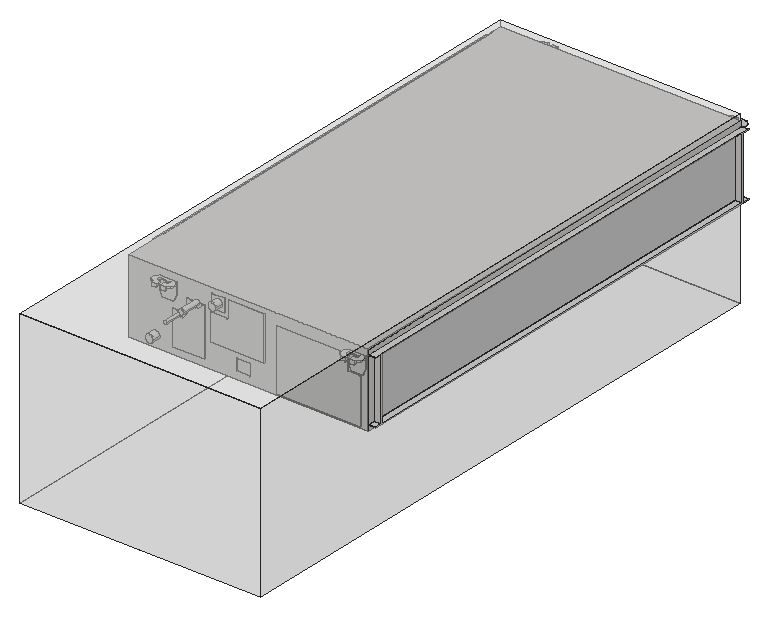
Revit family "outputfile", category 機械設備, Revit 2024
Family settings
  丸型コネクタ寸法 = 半径を使用
  パーツ タイプ = 標準
  OmniClass 番号 = 23.75.10.24.21.27.27
  OmniClass タイトル = Split System Air Conditioning Units
  作業面ベース = いいえ
  常に垂直 = はい
  ロード時にボイドで切り取り = いいえ
  注釈の向きを維持 = いいえ
  共有 = いいえ
  部屋計算ポイント = はい
Parameters (values of type "FXSA140AVM")
  製造元 = "Daikin"
  書き出し IFC クラス(タイプ) = "IfcUnitaryEquipmentType"
  定義済み IFC タイプ(タイプ) = "AIRCONDITIONINGUNIT"
  モデル = "FXSA140AVM"
  switch_frequency = yes
  r_Liquid Pipe Size = Liquid Pipe Size / 2  # 4.75 mm
  r_Gas Pipe Size = Gas Pipe Size / 2  # 7.95 mm
  r_Drain Pipe Size = Drain Pipe Size / 2  # 12.5 mm
  lw_power = 770.0 mm
  lh_SA = 138.0 mm
  lw_SA = if(Width = 550.0 mm, 225.0 mm, if(Width = 700.0 mm, 300.0 mm, if(Width = 1000.0 mm, 450.0 mm, if(Width = 1400.0 mm, 650.0 mm, 725.0 mm))))  # 725.0 mm
  lw_RA = if(Width = 550.0 mm, 275.0 mm, if(Width = 700.0 mm, 349.0 mm, if(Width = 1000.0 mm, 499.0 mm, if(Width = 1400.0 mm, 699.0 mm, 775.0 mm))))  # 775.0 mm
  lh_power = 60.0 mm + [h***]  # 60.0 mm
  lh_mountinghole1 = lh_mountinghole + [h***]  # 222.0 mm
  lh_RA = 123.0 mm
  ld_power = Width / 2  # 775.0 mm
  connector_voltage = Voltage_50Hz  # 220 V
  connector_powerinput = [Power Input (Cooling)]  # 0.222 kW
  connector_phase = Phase_50Hz  # 1
  Voltage_comment_60Hz = "220-230"
  Voltage_comment_50Hz = "220-240"
  Voltage_60Hz = 220 V
  Voltage_50Hz = 220 V
  Total Heating Capacity [instance] = 0.000 kW
  Supply Air Direction [instance] = yes
  Sound Power Level_H speed (dB) = 71
  Power Input (Heating) = 0.217 kW
  Phase_60Hz = 1
  Phase_50Hz = 1
  Nominal Heating Capacity = 18.000 kW
  Minimum External Static Pressure = 50.00 Pa
  Minimum Circuit Amps_60Hz = 3.3 A
  Minimum Circuit Amps_50Hz = 3.3 A
  Maximum Fuse Amps_60Hz = 16.0 A
  Maximum Fuse Amps_50Hz = 16.0 A
  Maximum External Static Pressure = 140.00 Pa
  Material_Casing = DAIKIN_GalvanizedSteel_Casing_indoorunit
  lw_mountinghole = 630.0 mm
  lh_gaspipe = 183.0 mm + [h***]  # 183.0 mm
  lh_mountinghole = 222.0 mm
  lh_liquidpipe = 136.0 mm + [h***]  # 136.0 mm
  lh_drainpipe = 207.0 mm + [h***]  # 207.0 mm
  lh_antena = Height - lh_mountinghole + 1.0 mm  # 24.0 mm
  ld_drainpipe = Width / 2 + 26.0 mm  # 801.0 mm
  ld_liquidpipe = 844.0 mm
  ld_gaspipe = Width / 2 + 65.0 mm  # 840.0 mm
  ld_mountinghole = Width + 38.0 mm  # 1588.0 mm
  h*** = 0.0 mm
  lw_liquidpipe = 179.0 mm
  lw_gaspipe = 229.0 mm
  lw_drainpipe = 300.0 mm
  Width = 1550.0 mm
  Version = "ver.1.0"
  Unit Type = "Duct_M.S.P."
  Unit Mass Weight = 52.00 kg
  Unit Designation [instance] = ""
  Uniclass2015Version = "Products v1.30"
  Uniclass2015Title = "Variable refrigerant flow units"
  Uniclass2015Code = "Pr_70_65_03_94"
  Total Cooling Capacity [instance] = 0.000 kW
  Sound Pressure Level_M speed (dBA) = 40
  Sound Pressure Level_L speed (dBA) = 36
  Sound Pressure Level_H speed (dBA) = 43
  Series = "VRV Fan Coil Unit"
  Sensible Cooling Capacity [instance] = 0.000 kW
  SA Duct Size Width = 1337.0 mm
  SA Duct Size Height = 176.0 mm
  Refrigerant Type = "R32"
  RA Duct Size Width = 1502.0 mm
  RA Duct Size Height = 208.0 mm
  Power Input (Cooling) = 0.222 kW
  Option Accessory 3 [instance] = ""
  Option Accessory 2 [instance] = ""
  Option Accessory 1 [instance] = ""
  Nominal Cooling Capacity = 16.000 kW
  Minimum Airflow = 1680.00 m³/h
  Median Airflow = 2010.00 m³/h
  Maximum Airflow = 2340.00 m³/h
  Load Classification = HVAC
  Liquid Pipe Size = 9.5 mm
  Link_Nested Family [instance] = ""
  IfcVersion = ""
  IfcExportType = "AIRCONDITIONINGUNIT"
  IfcExportAs = "IfcUnitaryEquipmentType"
  Height = 245.0 mm
  Heating Entering Wet Bulb Temperature [instance] = -273.15 °C
  Heating Entering Dry Bulb Temperature [instance] = -273.15 °C
  Heating Ambient Wet Bulb Temperature [instance] = -273.15 °C
  Heating Ambient Dry Bulb Temperature [instance] = -273.15 °C
  Heat Exchanger Type = "Cross Fin Coil"
  Gas Pipe Size = 15.9 mm
  Frequency_60Hz = 60 Hz
  Frequency_50Hz = 50 Hz
  Fan Type = "Sirocco Fan"
  Fan Drive = "Direct Drive"
  FCU Tag No. [instance] = ""
  Drain Pipe Size = 25.0 mm
  Design Supply Airflow [instance] = 0.00 m³/h
  Design Return Airflow [instance] = 0.00 m³/h
  Design External Static Pressure [instance] = 0.00 Pa
  Depth = 800.0 mm
  既定の高さ = 0.0 mm
  Cooling Entering Wet Bulb Temperature [instance] = 0.00 °C
  Cooling Entering Dry Bulb Temperature [instance] = 0.00 °C
  Cooling Ambient Wet Bulb Temperature [instance] = 0.00 °C
  Cooling Ambient Dry Bulb Temperature [instance] = 0.00 °C
  Clearance visibility [instance] = yes
  Clearance Top = 20.0 mm
  Clearance Right = 0.0 mm
  Clearance Rear = 0.0 mm
  Clearance Left = 0.0 mm
  Clearance Front = 450.0 mm
  Clearance Bottom = 300.0 mm
Reference planes
  plane 1 "Center (Front/Back)": y = 0
  plane 2 "h": z = 0
  plane 3 "Center (Left/Right)": x = 0
  plane 4 "Back": y = 775
  plane 5 "Front": y = -775
  plane 6 "Left": x = -400
  plane 7 "Right": x = 400
  plane 8 "Top": z = 0
  plane 9 "Bottom": z = -245
  plane 10: y = -215
  plane 11: y = 775
  plane 12: y = -1225
  plane 13: x = -400
  plane 14: x = 400
  plane 15: z = 20
  plane 16: z = -545
  plane 17: x = -400
  plane 18: x = -399
  plane 19: x = 399
  plane 20: y = 50
  plane 21: y = 0
  plane 22: z = -122
  plane 23: y = -776
  plane 24: z = -109
  plane 25: x = -221
  plane 26: y = -840
  plane 27: z = -62
  plane 28: x = -171
  plane 29: y = -801
  plane 30: z = -38
  plane 31: x = -100
  plane 32: x = -100
  plane 33: x = -221
  plane 34: x = -171
  plane 35: x = 370
  plane 36: x = -266
  plane 37: x = 364
  plane 38: y = -794
  plane 39: y = 794
  plane 40: z = -23
  plane 41: z = -107
  plane 42: y = -844
  plane 43: z = -207
  plane 44: x = -309
  plane 45: y = -376
  plane 46: x = -251
  plane 47: x = -203
  plane 48: x = -144
  plane 49: z = -59
  plane 50: z = -106
  plane 51: z = -221
  plane 52: z = -109
  plane 53: x = -221
  plane 54: z = -62
  plane 55: x = -171
  plane 56: z = -17
  plane 57: z = -59
  plane 58: x = -121
  plane 59: x = -79
  plane 60: x = -125
  plane 61: x = -64
  plane 62: x = 53
  plane 63: z = -164
  plane 64: z = -73
  plane 65: z = -16
  plane 66: x = 93.5
  plane 67: x = 374.5
  plane 68: x = 330
  plane 69: z = -88.5
  plane 70: z = -38
  plane 71: z = -242.5
  plane 72: x = -38.5
  plane 73: x = 6.5
  plane 74: z = -181
  plane 75: z = -221
  plane 76: y = -774
  plane 77: x = -424
  plane 78: x = 424
Forms (mm)
  Extrusion 1, solid, material "DAIKIN_GalvanizedSteel_Casing_indoorunit" <- "Material_Casing"
    sketch origin (0, 0, 0) x (1, 0, 0) y (0, 1, 0)
      loop
        line (-399, 775) -> (-399, -775) -> (399, -775) -> (399, 775) -> (-399, 775)
    from -245 to 0
  Extrusion 2, solid, material "DAIKIN_GalvanizedSteel_Casing_indoorunit" <- "Material_Casing"
    sketch origin (0, 0, 0) x (1, 0, 0) y (0, 0, 1)
      loop
        line (-251, -221) -> (-144, -221) -> (-144, -59) -> (-154.47, -59)
        arc (-154.47, -59) -> (-171, -78.8) -> (-187.53, -59) r 16.8
        line (-187.53, -59) -> (-203, -59) -> (-203, -106) -> (-206.916, -106)
        arc (-206.916, -106) -> (-221, -123.4) -> (-235.084, -106) r 14.4
        line (-235.084, -106) -> (-251, -106) -> (-251, -221)
    from 775 to 776
  Extrusion 3, solid, material "DAIKIN_GalvanizedSteel_Casing_indoorunit" <- "Material_Casing"
    sketch origin (0, 0, 0) x (1, 0, 0) y (0, 0, 1)
      loop
        line (-121, -17) -> (-121, -59) -> (-79, -59) -> (-79, -17) -> (-121, -17)
      loop
        line (-125, -73) -> (-125, -164) -> (53, -164) -> (53, -16) -> (-64, -16) -> (-64, -73) -> (-125, -73)
    from 775 to 776
  Extrusion 4, solid, material "DAIKIN_GalvanizedSteel_Casing_indoorunit" <- "Material_Casing"
    sketch origin (0, 0, 0) x (1, 0, 0) y (0, 0, 1)
      loop
        line (93.5, -38) -> (93.5, -242.5) -> (374.5, -242.5) -> (374.5, -88.5) -> (330, -88.5) -> (330, -38) -> (93.5, -38)
    from 775 to 776
  Extrusion 5, solid, material "DAIKIN_GalvanizedSteel_Casing_indoorunit" <- "Material_Casing"
    sketch origin (0, 0, 0) x (1, 0, 0) y (0, 0, 1)
      loop
        circle (-221, -109) r 4.75
    from 775 to 844
  Extrusion 6, solid, material "DAIKIN_GalvanizedSteel_Casing_indoorunit" <- "Material_Casing"
    sketch origin (0, 0, 0) x (1, 0, 0) y (0, 0, 1)
      loop
        circle (-171, -62) r 7.95
    from 775 to 840
  Extrusion 7, solid, material "DAIKIN_GalvanizedSteel_Casing_indoorunit" <- "Material_Casing"
    sketch origin (0, 0, 0) x (1, 0, 0) y (0, 0, 1)
      loop
        circle (-100, -38) r 12.5
    from 776 to 801
  Extrusion 8, solid, material "DAIKIN_GalvanizedSteel_Casing_indoorunit" <- "Material_Casing"
    sketch origin (0, 0, 0) x (1, 0, 0) y (0, 0, 1)
      loop
        circle (-309, -207) r 13
    from 775 to 801
  Extrusion 9, void
    sketch origin (0, 0, 0) x (1, 0, 0) y (0, 0, 1)
      loop
        line (-38.5, -181) -> (-38.5, -221) -> (6.5, -221) -> (6.5, -181) -> (-38.5, -181)
    from 774 to 775
Cuts and joins
  Extrusion 9 cuts Extrusion 1
Dimensions and locks
  "Height": plane 8 "Top" to plane 9 "Bottom"
  equal spacing: plane 4 "Back", plane 1 "Center (Front/Back)", plane 5 "Front"
  "Width": plane 4 "Back" to plane 5 "Front"
  equal spacing: plane 6 "Left", plane 3 "Center (Left/Right)", plane 7 "Right"
  "Depth": plane 6 "Left" to plane 7 "Right"
  "Clearance Left": plane 13 to plane 6 "Left"
  "Clearance Right": plane 7 "Right" to plane 14
  "Clearance Rear": plane 11 to plane 4 "Back"
  "Clearance Front": plane 5 "Front" to plane 12
  "Clearance Top": plane 15 to plane 8 "Top"
  "Clearance Bottom": plane 9 "Bottom" to plane 16
  locked: plane 17 to plane 18 at 1
  locked: plane 19 to plane 14 at 1
  "lw_SA": plane 11 to plane 20
  "lw_RA": plane 21 to plane 5 "Front"
  "lh_RA": plane 22 to plane 9 "Bottom"
  locked: plane 5 "Front" to plane 23 at 1
  "lw_liquidpipe": plane 25 to plane 6 "Left"
  "lh_liquidpipe": plane 24 to plane 9 "Bottom"
  "lh_gaspipe": plane 27 to plane 9 "Bottom"
  "lw_gaspipe": plane 28 to plane 6 "Left"
  "ld_gaspipe": plane 26 to plane 1 "Center (Front/Back)"
  "ld_drainpipe": plane 29 to plane 1 "Center (Front/Back)"
  "lh_drainpipe": plane 30 to plane 9 "Bottom"
  "lw_drainpipe": plane 31 to plane 6 "Left"
  "lw_drainpipe": plane 6 "Left" to plane 32
  "lw_liquidpipe": plane 6 "Left" to plane 33
  "lw_gaspipe": plane 6 "Left" to plane 34
  "lw_power": plane 6 "Left" to plane 35
  locked: plane 17 to plane 36 at 134
  "lw_mountinghole": plane 36 to plane 37
  equal spacing: plane 38, plane 1 "Center (Front/Back)", plane 39
  "ld_mountinghole": plane 39 to plane 38
  "lh_mountinghole": plane 40 to plane 9 "Bottom"
  "lh_SA": plane 41 to plane 9 "Bottom"
  locked: plane 44 to plane 6 "Left" at 91
  locked: plane 43 to plane 9 "Bottom" at 38
  plane 48 to plane 47 to plane 46 to plane 6 "Left" = 59.0 mm, 48.0 mm, 149.0 mm
  plane 8 "Top" to plane 49 to plane 50 to plane 51 = 59.0 mm locked, 47.0 mm locked, 115.0 mm locked
  plane 55 to plane 53 to plane 6 "Left" = 50.0 mm locked, 179.0 mm locked
  plane 54 to plane 52 to plane 9 "Bottom" = 47.0 mm locked, 136.0 mm locked
  plane 59 to plane 58 to plane 6 "Left" = 42.0 mm locked, 279.0 mm locked
  plane 8 "Top" to plane 56 to plane 57 = 17.0 mm locked, 42.0 mm locked
  plane 62 to plane 61 to plane 60 to plane 6 "Left" = 117.0 mm, 61.0 mm, 275.0 mm
  plane 8 "Top" to plane 65 to plane 64 = 16.0 mm locked, 57.0 mm locked
  locked: plane 65 to plane 63 at 148
  plane 8 "Top" to plane 70 to plane 69 to plane 71 = 38.0 mm locked, 50.5 mm locked, 154.0 mm locked
  plane 67 to plane 68 to plane 66 to plane 6 "Left" = 44.5 mm locked, 236.5 mm locked, 493.5 mm locked
  plane 8 "Top" to plane 74 to plane 75 = 181.0 mm locked, 40.0 mm locked
  plane 73 to plane 72 to plane 6 "Left" = 45.0 mm, 361.5 mm
  locked: plane 76 to plane 5 "Front" at 1
  locked: plane 77 to plane 17 at 24
  locked: plane 14 to plane 78 at 24
  "ld_liquidpipe": plane 42 to plane 1 "Center (Front/Back)"
  "r_Liquid Pipe Size": radius of Extrusion 5 sketch curve
  "r_Gas Pipe Size": radius of Extrusion 6 sketch curve
  "r_Drain Pipe Size": radius of Extrusion 7 sketch curve
  aligned and locked: level to plane 2 "h"
  aligned and locked: plane 8 "Top" to Extrusion 1
  aligned and locked: Extrusion 1 to plane 9 "Bottom"
  aligned and locked: nested 5 to plane 12
  aligned and locked: plane 13 to nested 5
  aligned and locked: plane 14 to nested 5
  aligned and locked: nested 5 to plane 13
  aligned and locked: plane 11 to nested 5
  aligned and locked: plane 15 to nested 5
  aligned and locked: plane 16 to nested 5
  aligned and locked: plane 5 "Front" to Extrusion 1 sketch curve
  aligned and locked: Extrusion 1 to plane 18
  aligned and locked: plane 19 to Extrusion 1
  aligned and locked: nested 7 to plane 18
  aligned and locked: nested 7 to plane 20
  aligned and locked: plane 19 to nested 8
  aligned and locked: plane 21 to nested 8
  aligned and locked: plane 22 to nested 8
  aligned and locked: Extrusion 2 to plane 23
  aligned and locked: plane 5 "Front" to Extrusion 2
  aligned and locked: Extrusion 3 to plane 23
  aligned and locked: plane 5 "Front" to Extrusion 3
  aligned and locked: plane 5 "Front" to Extrusion 4
  aligned and locked: Extrusion 5 sketch curve to plane 25
  aligned and locked: plane 24 to Extrusion 5 sketch curve
  aligned and locked: plane 5 "Front" to Extrusion 5
  aligned and locked: Extrusion 6 sketch curve to plane 28
  aligned and locked: plane 27 to Extrusion 6 sketch curve
  aligned and locked: plane 5 "Front" to Extrusion 6
  aligned and locked: Extrusion 7 sketch curve to plane 31
  aligned and locked: Extrusion 7 sketch curve to plane 30
  aligned and locked: Extrusion 7 to plane 29
  aligned and locked: plane 23 to Extrusion 7
  aligned and locked: nested 3 to plane 29
  aligned and locked: nested 3 to plane 32
  aligned and locked: nested 2 to plane 33
  aligned and locked: nested 1 to plane 34
  aligned and locked: Extrusion 6 to plane 26
  aligned and locked: nested 1 to plane 26
  aligned and locked: nested 6 to plane 5 "Front"
  aligned and locked: nested 6 to plane 35
  aligned and locked: plane 36 to nested 10
  aligned and locked: nested 10 to plane 5 "Front"
  aligned and locked: plane 37 to nested 9
  aligned and locked: nested 9 to plane 5 "Front"
  aligned and locked: nested 11 to plane 36
  aligned and locked: plane 4 "Back" to nested 11
  aligned and locked: nested 12 to plane 37
  aligned and locked: plane 4 "Back" to nested 12
  aligned and locked: plane 40 to nested 10
  aligned and locked: plane 40 to nested 11
  aligned and locked: plane 40 to nested 9
  aligned and locked: plane 40 to nested 12
  aligned and locked: plane 36 to nested 14
  aligned and locked: nested 14 to plane 39
  aligned and locked: plane 37 to nested 13
  aligned and locked: nested 13 to plane 39
  aligned and locked: plane 37 to nested 16
  aligned and locked: plane 38 to nested 16
  aligned and locked: plane 38 to nested 15
  aligned and locked: plane 36 to nested 15
  aligned and locked: plane 17 to plane 6 "Left"
  aligned and locked: plane 41 to nested 7
  aligned and locked: Extrusion 5 to plane 42
  aligned and locked: nested 2 to plane 42
  aligned and locked: Extrusion 8 sketch curve to plane 44
  aligned and locked: plane 43 to Extrusion 8 sketch curve
  aligned and locked: plane 5 "Front" to Extrusion 8
  aligned and locked: Extrusion 3 sketch curve to plane 56
  aligned and locked: Extrusion 3 sketch curve to plane 58
  aligned and locked: plane 57 to Extrusion 3 sketch curve
  aligned and locked: plane 59 to Extrusion 3 sketch curve
  aligned and locked: Extrusion 4 to plane 23
  aligned and locked: Extrusion 9 sketch curve to plane 74
  aligned and locked: plane 75 to Extrusion 9 sketch curve
  aligned and locked: plane 73 to Extrusion 9 sketch curve
  aligned and locked: plane 5 "Front" to Extrusion 9
  aligned and locked: plane 76 to Extrusion 9
  aligned and locked: nested 17 to plane 20
  aligned and locked: nested 17 to plane 77
  aligned and locked: plane 21 to nested 18
  aligned and locked: plane 78 to nested 18
  aligned and locked: plane 41 to nested 17
  aligned and locked: nested 18 to plane 22
  aligned and locked: nested 4 to plane 3 "Center (Left/Right)"
  aligned and locked: plane 1 "Center (Front/Back)" to nested 4
  aligned and locked: level to plane 8 "Top"
  aligned and locked: Extrusion 8 to plane 29
Automatic sketch dimensions
  plane 6 "Left" to Extrusion 1 sketch curve = 1.0 mm
  Extrusion 1 sketch curve to plane 7 "Right" = 1.0 mm
  Extrusion 1 sketch curve to plane 4 "Back" = 0.0 mm
  Extrusion 2 sketch curve to plane 46 = 0.0 mm
  Extrusion 2 sketch curve to plane 33 = 0.0 mm
  Extrusion 2 sketch curve to plane 47 = 0.0 mm
  Extrusion 2 sketch curve to plane 34 = 0.0 mm
  Extrusion 2 sketch curve to plane 48 = 0.0 mm
  Extrusion 2 sketch curve to plane 51 = 0.0 mm
  Extrusion 2 sketch curve to plane 52 = 0.0 mm
  Extrusion 2 sketch curve to plane 50 = 0.0 mm  (x3)
  Extrusion 2 sketch curve to plane 54 = 0.0 mm
  Extrusion 2 sketch curve to plane 49 = 0.0 mm  (x3)
  plane 33 to Extrusion 2 sketch curve = 14.084 mm
  plane 34 to Extrusion 2 sketch curve = 16.53 mm
  Extrusion 3 sketch curve to plane 60 = 0.0 mm
  Extrusion 3 sketch curve to plane 61 = 0.0 mm
  Extrusion 3 sketch curve to plane 62 = 0.0 mm
  Extrusion 3 sketch curve to plane 63 = 0.0 mm
  Extrusion 3 sketch curve to plane 64 = 0.0 mm
  Extrusion 3 sketch curve to plane 65 = 0.0 mm
  Extrusion 4 sketch curve to plane 66 = 0.0 mm
  Extrusion 4 sketch curve to plane 68 = 0.0 mm
  Extrusion 4 sketch curve to plane 67 = 0.0 mm
  Extrusion 4 sketch curve to plane 71 = 0.0 mm
  Extrusion 4 sketch curve to plane 69 = 0.0 mm
  Extrusion 4 sketch curve to plane 70 = 0.0 mm
  Extrusion 9 sketch curve to plane 72 = 0.0 mm
  radius of Extrusion 8 sketch curve = 13.0 mm
Nested families
  nested 1: "daikin_connector_rotate2" at (-171, 0, -62), length <- "ld_gaspipe", built-in parameter 1001364 <- "lh_gaspipe", radius <- "r_Gas Pipe Size", type "daikin_connector_rotate2"
    with radius 7.95 mm, length 840.0 mm, angle_vertical 90.00°
  nested 2: "daikin_connector_rotate2" at (-221, 0, -109), length <- "ld_liquidpipe", built-in parameter 1001364 <- "lh_liquidpipe", radius <- "r_Liquid Pipe Size", type "daikin_connector_rotate2"
    with radius 4.75 mm, length 844.0 mm, angle_vertical 90.00°
  nested 3: "daikin_connector_rotate2" at (-100, 0, -38), length <- "ld_drainpipe", built-in parameter 1001364 <- "lh_drainpipe", radius <- "r_Drain Pipe Size", type "daikin_connector_rotate2"
    with radius 12.5 mm, length 801.0 mm, angle_vertical 90.00°
  nested 4: "daikin_△_symbolicline" at (0, 0, 245) x (0, -1, 0) z (0, 0, 1), built-in parameter 1001364 <- "Height", visible <- "Supply Air Direction", type "daikin_△_symbolicline"
    with length 200.0 mm
  nested 5: "daikin_clearancespace" at (0, -225, -262.381), visible <- "Clearance visibility", show <- "Clearance visibility", Link_Nested Family <- "Link_Nested Family", type "daikin_clearancespace"
    with width 800.0 mm, show yes, height 565.0 mm, depth 2000.0 mm, Link_Nested Family ""
  nested 6: "daikin_connector_rotate2" at (370, 0, -185), built-in parameter 1001364 <- "lh_power", length <- "ld_power", type "daikin_connector_rotate2"
    with radius 10.0 mm, length 775.0 mm, angle_vertical 90.00°
  nested 7: "daikin_ductflange_FXSA-AVM2" at (-399, 50, -107) x (0, -1, 0) z (0, 0, 1), type "daikin_ductflange_FXSA-AVM2"
    with width 1337.0 mm, w1 24.0 mm, w 1550.0 mm
  nested 8: "daikin_ductflange_FXSA-AVM" at (399, 0, -122) x (0, 1, 0) z (0, 0, 1), type "daikin_ductflange_FXSA-AVM"
    with width 1502.0 mm, lw 25.0 mm, w 1550.0 mm
  nested 9: "FXFSA-AVM" at (364, -775, -23), type "daikin_hangerfixture_FXFSA-AVM"
  nested 10: "FXFSA-AVM" at (-266, -775, -23), type "daikin_hangerfixture_FXFSA-AVM"
  nested 11: "FXFSA-AVM" at (-266, 775, -23) x (-1, 0, 0) z (0, 0, 1), type "daikin_hangerfixture_FXFSA-AVM"
  nested 12: "FXFSA-AVM" at (364, 775, -23) x (-1, 0, 0) z (0, 0, 1), type "daikin_hangerfixture_FXFSA-AVM"
  nested 13: "daikin_mountinghole" at (364, 794, -245), h_mountinghole <- "lh_mountinghole1", l_antenna <- "lh_antena", Link_Nested Family <- "Link_Nested Family", type "daikin_mountinghole"
    with show yes, l_antenna 24.0 mm, h_mountinghole 222.0 mm, Link_Nested Family ""
  nested 14: "daikin_mountinghole" at (-266, 794, -245), h_mountinghole <- "lh_mountinghole1", l_antenna <- "lh_antena", Link_Nested Family <- "Link_Nested Family", type "daikin_mountinghole"
    with show yes, l_antenna 24.0 mm, h_mountinghole 222.0 mm, Link_Nested Family ""
  nested 15: "daikin_mountinghole" at (-266, -794, -245), h_mountinghole <- "lh_mountinghole1", l_antenna <- "lh_antena", Link_Nested Family <- "Link_Nested Family", type "daikin_mountinghole"
    with show yes, l_antenna 24.0 mm, h_mountinghole 222.0 mm, Link_Nested Family ""
  nested 16: "daikin_mountinghole" at (364, -794, -245), h_mountinghole <- "lh_mountinghole1", l_antenna <- "lh_antena", Link_Nested Family <- "Link_Nested Family", type "daikin_mountinghole"
    with show yes, l_antenna 24.0 mm, h_mountinghole 222.0 mm, Link_Nested Family ""
  nested 17: "daikin_connector_rotate2" at (-400, 50, -107) x (0, -1, 0) z (0, 0, 1), type "daikin_connector_rotate2"
    with radius 10.0 mm, length 24.0 mm, angle_vertical 90.00°
  nested 18: "daikin_connector_rotate2" at (400, 0, -122) x (0, 1, 0) z (0, 0, 1), type "daikin_connector_rotate2"
    with radius 10.0 mm, length 24.0 mm, angle_vertical 90.00°
Connectors
  piping at (-100, -801, -38), diameter 25, driven by "r_Drain Pipe Size"
    settings: on nested 3, index 3, connector inside diameter 609.6 mm, connector length 0.0 mm, flow factor 0, pipe flow 0.00 m³/h, pressure drop 0.0 Pa, fitting loss kfactor 0, connector angle 0.00°, fixture units 0, engagement length 0.0 mm, angle of deflection 0.00°, flow configuration 1, flow direction 2, fitting loss method 4, system type 16, joint type 0, gender type 0, connector reference index -1, connector utility 0, adjustable connector no, is connector primary yes, connector description "Condensate Drain Piping"
  piping at (-171, -840, -62), diameter 15.9, driven by "r_Gas Pipe Size"
    settings: on nested 1, index 4, connector inside diameter 609.6 mm, connector length 0.0 mm, flow factor 0, pipe flow 0.00 m³/h, pressure drop 0.0 Pa, fitting loss kfactor 0, connector angle 0.00°, fixture units 0, engagement length 0.0 mm, angle of deflection 0.00°, flow configuration 1, flow direction 2, fitting loss method 0, system type 29, joint type 0, gender type 0, connector reference index -1, connector utility 0, adjustable connector no, is connector primary no, connector description "Refrigerant Gas Piping"
  piping at (-221, -844, -109), diameter 9.5, driven by "r_Liquid Pipe Size"
    settings: on nested 2, index 5, connector inside diameter 609.6 mm, connector length 0.0 mm, flow factor 0, pipe flow 0.00 m³/h, pressure drop 0.0 Pa, fitting loss kfactor 0, connector angle 0.00°, fixture units 0, engagement length 0.0 mm, angle of deflection 0.00°, flow configuration 1, flow direction 1, fitting loss method 0, system type 29, joint type 0, gender type 0, connector reference index -1, connector utility 0, adjustable connector no, is connector primary no, connector description "Refrigerant Liquid Piping"
  electrical at (370, -775, -185), driven by "Load Classification", driven by "connector_voltage", driven by "connector_phase", driven by "connector_powerinput"
    settings: on nested 6, index 6, voltage 220 V, apparent load 222 VA, apparent load phase1 0 VA, apparent load phase2 0 VA, apparent load phase3 0 VA, power factor 1, load classification "HVAC", number of poles 1, system type 30, power factor state 1, is connector primary yes, connector utility no, sub classification motor no, connector description "Power Supply"
  hvac at (-424, 50, -107), driven by "SA Duct Size Height", driven by "SA Duct Size Width"
    settings: on nested 17, index 7, duct flow 0.00 m³/h, flow factor 0, pres drop 0.00 Pa, loss coef 0, conn angle 0.00°, conn width 1337.0 mm, conn height 176.0 mm, conn diameter 609.6 mm, duct sys type 1, conn prof type 1, flow config 0, flow direction 2, loss method 4, conn ref index -1, conn util no, is conn primary yes, conn desc "SA Duct"
  hvac at (424, 0, -122), driven by "RA Duct Size Height", driven by "RA Duct Size Width"
    settings: on nested 18, index 8, duct flow 0.00 m³/h, flow factor 0, pres drop 0.00 Pa, loss coef 0, conn angle 0.00°, conn width 1502.0 mm, conn height 208.0 mm, conn diameter 609.6 mm, duct sys type 2, conn prof type 1, flow config 0, flow direction 1, loss method 4, conn ref index -1, conn util no, is conn primary no, conn desc "RA Duct"
Definition of nested family "daikin_clearancespace"
  Parameters (values of type "daikin_clearancespace")
    Description = "daikin_clearancespace"
    width [instance] = 1823.963 mm
    show [instance] = yes
    material = none
    height [instance] = 1359.762 mm
    depth [instance] = 880.0 mm
    Default Elevation = 0.0 mm
    Link_Nested Family [instance] = ""
  Reference planes
    plane 1 "Center (Front/Back)": y = 0
    plane 2 "Center (Elevation)": z = -0.119
    plane 3 "Center (Left/Right)": x = 0
    plane 4: y = 440
    plane 5: y = -440
    plane 6 "Right": x = 911.982
    plane 7 "Left": x = -911.982
    plane 8 "Top": z = 679.762
    plane 9 "Bottom": z = -680
  Forms (mm)
    Extrusion 1, solid, material <- "material", visible <- "show"
      sketch origin (0, 0, 0) x (1, 0, 0) y (0, 1, 0)
        loop
          line (-911.982, 440) -> (-911.982, -440) -> (911.982, -440) -> (911.982, 440) -> (-911.982, 440)
      from -680 to 679.762
  Lines and regions (mm)
    symbolic lines, visible <- "show"
      curve 1: line (911.982, 440, 0) -> (-911.982, 440, 0)
      curve 2: line (-911.982, 440, 0) -> (-911.982, -440, 0)
      curve 3: line (-911.982, -440, 0) -> (911.982, -440, 0)
      curve 4: line (911.982, -440, 0) -> (911.982, 440, 0)
      curve 5: line (911.982, 0, 679.762) -> (-911.982, 0, 679.762)
      curve 6: line (911.982, 0, -680) -> (911.982, 0, 679.762)
      curve 7: line (-911.982, 0, -680) -> (911.982, 0, -680)
      curve 8: line (-911.982, 0, 679.762) -> (-911.982, 0, -680)
      curve 9: line (0, 440, 679.762) -> (0, -440, 679.762)
      curve 10: line (0, -440, 679.762) -> (0, -440, -680)
      curve 11: line (0, 440, -680) -> (0, 440, 679.762)
      curve 12: line (0, -440, -680) -> (0, 440, -680)
  Dimensions and locks
    "width": plane 7 "Left" to plane 6 "Right"
    "depth": plane 4 to plane 5
    "height": plane 8 "Top" to plane 9 "Bottom"
    equal spacing: plane 7 "Left", plane 3 "Center (Left/Right)", plane 6 "Right"
    equal spacing: plane 4, plane 1 "Center (Front/Back)", plane 5
    equal spacing: plane 8 "Top", plane 2 "Center (Elevation)", plane 9 "Bottom"
    aligned and locked: level to plane 2 "Center (Elevation)"
    aligned and locked: Extrusion 1 sketch curve to plane 4
    aligned and locked: plane 7 "Left" to Extrusion 1 sketch curve
    aligned and locked: Extrusion 1 sketch curve to plane 5
    aligned and locked: Extrusion 1 sketch curve to plane 6 "Right"
    aligned and locked: plane 8 "Top" to Extrusion 1
    aligned and locked: curve 1 to Extrusion 1
    aligned and locked: curve 2 to Extrusion 1
    aligned and locked: curve 3 to Extrusion 1
    aligned and locked: curve 4 to Extrusion 1
    aligned and locked: curve 5 to Extrusion 1
    aligned and locked: curve 6 to Extrusion 1
    aligned and locked: curve 7 to Extrusion 1
    aligned and locked: curve 8 to Extrusion 1
    aligned and locked: curve 9 to Extrusion 1
    aligned and locked: curve 10 to Extrusion 1
    aligned and locked: curve 11 to Extrusion 1
    aligned and locked: curve 12 to Extrusion 1
    aligned and locked: Extrusion 1 to plane 9 "Bottom"
Definition of nested family "daikin_ductflange_FXSA-AVM2"
  Parameters (values of type "daikin_ductflange_FBA-BVMA2")
    width = if(w = 550.0 mm, 337.0 mm, if(w = 700.0 mm, 492.0 mm, if(w = 1000.0 mm, 792.0 mm, if(w = 1400.0 mm, 1192.0 mm, 1337.0 mm))))  # 492.0 mm
    w1 = if(w = 550.0 mm, 24.0 mm, if(w = 700.0 mm, 21.5 mm, if(w = 1000.0 mm, 21.5 mm, if(w = 1400.0 mm, 21.5 mm, 24.0 mm))))  # 21.5 mm
    material = none
    height = 215.0 mm
    depth = 1.0 mm
    w = 700.0 mm
    Default Elevation = 0.0 mm
  Reference planes
    plane 1 "Center (Front/Back)": y = 0
    plane 2: z = 0
    plane 3 "Center (Left/Right)": x = 0
    plane 4: z = 88
    plane 5: z = -88
    plane 6: y = -25
    plane 7: z = 106
    plane 8: z = 89
    plane 9: y = -1
    plane 10: x = -267.5
    plane 11: x = 267.5
    plane 12: z = -106
    plane 13: z = -89
    plane 14: y = -1
    plane 15: x = 246
    plane 16: x = -246
    plane 17: x = 247
    plane 18: z = 87
    plane 19: z = -87
    plane 20: x = -247
    plane 21: z = 87
    plane 22: z = -87
    plane 23: y = -1
  Forms (mm)
    Extrusion 1, solid, material <- "material"
      sketch origin (0, 0, 0) x (0, 1, 0) y (0, 0, 1)
        loop
          line (-25, 88) -> (0, 88) -> (0, 106) -> (-1, 106) -> (-1, 89) -> (-25, 89) -> (-25, 88)
      from -267.5 to 267.5
    Extrusion 2, solid, material <- "material"
      sketch origin (0, 0, 0) x (0, 1, 0) y (0, 0, 1)
        loop
          line (-25, -88) -> (-25, -89) -> (-1, -89) -> (-1, -106) -> (0, -106) -> (0, -88) -> (-25, -88)
      from -267.5 to 267.5
    Extrusion 3, solid, material <- "material"
      sketch origin (0, 0, 0) x (1, 0, 0) y (0, 0, 1)
        loop
          line (246, 88) -> (246, -88) -> (267.5, -88) -> (267.5, -87) -> (247, -87) -> (247, 87) -> (267.5, 87) -> (267.5, 88) -> (246, 88)
      from 0 to 25
    Extrusion 4, solid, material <- "material"
      sketch origin (0, 0, 0) x (1, 0, 0) y (0, 0, 1)
        loop
          line (-267.5, 88) -> (-267.5, 87) -> (-247, 87) -> (-247, -87) -> (-267.5, -87) -> (-267.5, -88) -> (-246, -88) -> (-246, 88) -> (-267.5, 88)
      from 0 to 25
    Extrusion 5, solid, material <- "material"
      sketch origin (0, 0, 0) x (1, 0, 0) y (0, 0, 1)
        loop
          line (-267.5, 88) -> (-267.5, -88) -> (-246, -88) -> (-246, 88) -> (-267.5, 88)
        loop
          line (267.5, 88) -> (246, 88) -> (246, -88) -> (267.5, -88) -> (267.5, 88)
      from 0 to 1
  Cuts and joins
    joined: Extrusion 1, Extrusion 2, Extrusion 3, Extrusion 4, Extrusion 5
  Dimensions and locks
    plane 4 to level to plane 5 = 88.0 mm, 88.0 mm
    locked: plane 6 to plane 1 "Center (Front/Back)" at 25
    locked: plane 9 to plane 1 "Center (Front/Back)" at 1
    locked: plane 8 to plane 4 at 1
    "w1": plane 16 to plane 10
    locked: plane 17 to plane 15 at 1
    locked: plane 4 to plane 18 at 1
    locked: plane 19 to plane 5 at 1
    "width": plane 15 to plane 16
    plane 4 to plane 5 = 176.0 mm
    locked: plane 16 to plane 20 at 1
    locked: plane 4 to plane 21 at 1
    locked: plane 22 to plane 5 at 1
    locked: plane 23 to plane 1 "Center (Front/Back)" at 1
    plane 4 to level to plane 5 = 88.0 mm locked, 88.0 mm locked
    locked: plane 5 to plane 13 at 1
    locked: plane 5 to plane 12 at 18
    locked: plane 7 to plane 4 at 18
    equal spacing: plane 15, plane 3 "Center (Left/Right)", plane 16
    "w1": plane 11 to plane 15
    plane 11 to plane 10 = 535.0 mm
    aligned and locked: level to plane 2
    aligned and locked: Extrusion 1 to plane 10
    aligned and locked: plane 11 to Extrusion 1
    aligned and locked: plane 5 to Extrusion 2
    aligned and locked: Extrusion 2 to plane 1 "Center (Front/Back)"
    aligned and locked: plane 15 to Extrusion 3 sketch curve
    aligned and locked: Extrusion 3 sketch curve to Extrusion 2  (x2)
    aligned and locked: Extrusion 3 sketch curve to plane 11
    aligned and locked: plane 6 to Extrusion 3
    aligned and locked: Extrusion 2 to plane 10
    aligned and locked: plane 11 to Extrusion 2
    aligned and locked: Extrusion 4 sketch curve to Extrusion 1  (x2)
    aligned and locked: plane 5 to Extrusion 4 sketch curve
    aligned and locked: Extrusion 4 sketch curve to plane 16
    aligned and locked: Extrusion 4 sketch curve to plane 22
    aligned and locked: plane 20 to Extrusion 4 sketch curve
    aligned and locked: plane 21 to Extrusion 4 sketch curve
    aligned and locked: Extrusion 4 to plane 1 "Center (Front/Back)"
    aligned and locked: plane 6 to Extrusion 4
    aligned and locked: Extrusion 5 sketch curve to Extrusion 1  (x4)
    aligned and locked: Extrusion 5 sketch curve to Extrusion 4  (x2)
    aligned and locked: Extrusion 5 sketch curve to Extrusion 3  (x2)
    aligned and locked: Extrusion 5 to plane 1 "Center (Front/Back)"
    aligned and locked: plane 23 to Extrusion 5
  Automatic sketch dimensions
    Extrusion 1 sketch curve to plane 6 = 0.0 mm
    Extrusion 1 sketch curve to plane 7 = 0.0 mm
    Extrusion 1 sketch curve to plane 9 = 0.0 mm
    Extrusion 1 sketch curve to plane 1 "Center (Front/Back)" = 0.0 mm
    Extrusion 1 sketch curve to plane 4 = 0.0 mm
    Extrusion 1 sketch curve to plane 8 = 0.0 mm
    Extrusion 2 sketch curve to plane 6 = 0.0 mm
    plane 12 to Extrusion 2 sketch curve = 0.0 mm
    Extrusion 2 sketch curve to plane 14 = 0.0 mm
    Extrusion 2 sketch curve to plane 1 "Center (Front/Back)" = 0.0 mm
    plane 13 to Extrusion 2 sketch curve = 0.0 mm
    Extrusion 2 sketch curve to plane 5 = 0.0 mm
    Extrusion 3 sketch curve to plane 17 = 0.0 mm
    Extrusion 3 sketch curve to plane 19 = 0.0 mm
    Extrusion 3 sketch curve to plane 18 = 0.0 mm
    Extrusion 3 sketch curve to plane 4 = 0.0 mm
    Extrusion 4 sketch curve to plane 10 = 0.0 mm
Definition of nested family "daikin_ductflange_FXSA-AVM"
  Parameters (values of type "daikin_ductflange_FBFC-DVMG")
    width = if(w = 550.0 mm, 502.0 mm, if(w = 700.0 mm, 654.0 mm, if(w = 1000.0 mm, 952.0 mm, if(w = 1400.0 mm, 1352.0 mm, 1502.0 mm))))  # 654.0 mm
    material = none
    lw = if(width = 654.0 mm, 23.0 mm, 25.0 mm)  # 23.0 mm
    height = 208.0 mm
    depth = 1.0 mm
    w = 700.0 mm
    Default Elevation = 0.0 mm
  Reference planes
    plane 1 "Center (Front/Back)": y = 0
    plane 2: z = 0
    plane 3 "Center (Left/Right)": x = 0
    plane 4: z = 104
    plane 5: z = -104
    plane 6: y = -25
    plane 7: z = 121
    plane 8: z = 105
    plane 9: y = -1
    plane 10: x = -350
    plane 11: x = 350
    plane 12: z = -122
    plane 13: z = -105
    plane 14: y = -1
    plane 15: x = 327
    plane 16: x = -327
    plane 17: x = 328
    plane 18: z = 103
    plane 19: z = -103
    plane 20: x = -328
    plane 21: z = 103
    plane 22: z = -103
    plane 23: y = -1
  Forms (mm)
    Extrusion 1, solid, material <- "material"
      sketch origin (0, 0, 0) x (0, 1, 0) y (0, 0, 1)
        loop
          line (-25, 104) -> (0, 104) -> (0, 121) -> (-1, 121) -> (-1, 105) -> (-25, 105) -> (-25, 104)
      from -350 to 350
    Extrusion 2, solid, material <- "material"
      sketch origin (0, 0, 0) x (0, 1, 0) y (0, 0, 1)
        loop
          line (-25, -104) -> (-25, -105) -> (-1, -105) -> (-1, -122) -> (0, -122) -> (0, -104) -> (-25, -104)
      from -350 to 350
    Extrusion 3, solid, material <- "material"
      sketch origin (0, 0, 0) x (1, 0, 0) y (0, 0, 1)
        loop
          line (327, 104) -> (327, -104) -> (350, -104) -> (350, -103) -> (328, -103) -> (328, 103) -> (350, 103) -> (350, 104) -> (327, 104)
      from 0 to 25
    Extrusion 4, solid, material <- "material"
      sketch origin (0, 0, 0) x (1, 0, 0) y (0, 0, 1)
        loop
          line (-350, 104) -> (-350, 103) -> (-328, 103) -> (-328, -103) -> (-350, -103) -> (-350, -104) -> (-327, -104) -> (-327, 104) -> (-350, 104)
      from 0 to 25
    Extrusion 5, solid, material <- "material"
      sketch origin (0, 0, 0) x (1, 0, 0) y (0, 0, 1)
        loop
          line (-350, 104) -> (-350, -104) -> (-327, -104) -> (-327, 104) -> (-350, 104)
        loop
          line (350, 104) -> (327, 104) -> (327, -104) -> (350, -104) -> (350, 104)
      from 0 to 1
  Cuts and joins
    joined: Extrusion 1, Extrusion 2, Extrusion 3, Extrusion 4, Extrusion 5
  Dimensions and locks
    plane 4 to level to plane 5 = 104.0 mm, 104.0 mm
    locked: plane 6 to plane 1 "Center (Front/Back)" at 25
    locked: plane 9 to plane 1 "Center (Front/Back)" at 1
    locked: plane 8 to plane 4 at 1
    "lw": plane 11 to plane 15
    "lw": plane 16 to plane 10
    locked: plane 17 to plane 15 at 1
    locked: plane 4 to plane 18 at 1
    locked: plane 19 to plane 5 at 1
    "width": plane 15 to plane 16
    equal spacing: plane 15, plane 3 "Center (Left/Right)", plane 16
    locked: plane 16 to plane 20 at 1
    locked: plane 4 to plane 21 at 1
    locked: plane 22 to plane 5 at 1
    locked: plane 23 to plane 1 "Center (Front/Back)" at 1
    locked: plane 7 to plane 4 at 17
    locked: plane 1 "Center (Front/Back)" to plane 14 at 1
    locked: plane 5 to plane 13 at 1
    "height": plane 4 to plane 5
    plane 11 to plane 10 = 700.0 mm
    locked: plane 12 to plane 13 at 17
    equal spacing: plane 4, level, plane 5
    aligned and locked: level to plane 2
    aligned and locked: Extrusion 1 to plane 10
    aligned and locked: plane 11 to Extrusion 1
    aligned and locked: plane 5 to Extrusion 2
    aligned and locked: Extrusion 2 to plane 1 "Center (Front/Back)"
    aligned and locked: plane 15 to Extrusion 3 sketch curve
    aligned and locked: Extrusion 3 sketch curve to Extrusion 2  (x2)
    aligned and locked: Extrusion 3 sketch curve to plane 11
    aligned and locked: plane 6 to Extrusion 3
    aligned and locked: Extrusion 2 to plane 10
    aligned and locked: plane 11 to Extrusion 2
    aligned and locked: Extrusion 4 sketch curve to Extrusion 1  (x2)
    aligned and locked: plane 5 to Extrusion 4 sketch curve
    aligned and locked: Extrusion 4 sketch curve to plane 16
    aligned and locked: Extrusion 4 sketch curve to plane 22
    aligned and locked: plane 20 to Extrusion 4 sketch curve
    aligned and locked: plane 21 to Extrusion 4 sketch curve
    aligned and locked: Extrusion 4 to plane 1 "Center (Front/Back)"
    aligned and locked: plane 6 to Extrusion 4
    aligned and locked: Extrusion 5 sketch curve to Extrusion 1  (x4)
    aligned and locked: Extrusion 5 sketch curve to Extrusion 4  (x2)
    aligned and locked: Extrusion 5 sketch curve to Extrusion 3  (x2)
    aligned and locked: Extrusion 5 to plane 1 "Center (Front/Back)"
    aligned and locked: plane 23 to Extrusion 5
  Automatic sketch dimensions
    Extrusion 1 sketch curve to plane 6 = 0.0 mm
    Extrusion 1 sketch curve to plane 7 = 0.0 mm
    Extrusion 1 sketch curve to plane 9 = 0.0 mm
    Extrusion 1 sketch curve to plane 1 "Center (Front/Back)" = 0.0 mm
    Extrusion 1 sketch curve to plane 4 = 0.0 mm
    Extrusion 1 sketch curve to plane 8 = 0.0 mm
    Extrusion 2 sketch curve to plane 6 = 0.0 mm
    plane 12 to Extrusion 2 sketch curve = 0.0 mm
    Extrusion 2 sketch curve to plane 14 = 0.0 mm
    Extrusion 2 sketch curve to plane 1 "Center (Front/Back)" = 0.0 mm
    plane 13 to Extrusion 2 sketch curve = 0.0 mm
    Extrusion 2 sketch curve to plane 5 = 0.0 mm
    Extrusion 3 sketch curve to plane 17 = 0.0 mm
    Extrusion 3 sketch curve to plane 19 = 0.0 mm
    Extrusion 3 sketch curve to plane 18 = 0.0 mm
    Extrusion 3 sketch curve to plane 4 = 0.0 mm
    Extrusion 4 sketch curve to plane 10 = 0.0 mm
Definition of nested family "FXFSA-AVM"
  Parameters (values of type "daikin_hangerfixture_FXMQ-PAVE")
    width = 72.0 mm
    material = none
    height = 60.0 mm
    depth = 41.0 mm
    Default Elevation = 0.0 mm
  Reference planes
    plane 1 "Center (Front/Back)": y = 0
    plane 2: z = 0
    plane 3 "Center (Left/Right)": x = 0
    plane 4: y = 417.146
    plane 5: y = -41
    plane 6: x = -36
    plane 7: x = 36
    plane 8: z = -2.3
    plane 9: z = -60
    plane 10: y = -2.3
    plane 11: z = -12
    plane 12: y = -38.7
  Forms (mm)
    Extrusion 1, solid, material <- "material"
      sketch origin (0, 0, 0) x (1, 0, 0) y (0, 1, 0)
        loop
          line (-28, 0) -> (-28, -5)
          arc (-28, -5) -> (-29.127, -8.162) -> (-32, -9.899) r 5
          arc (-32, -9.899) -> (-34.873, -11.636) -> (-36, -14.798) r 5
          line (-36, -14.798) -> (-36, -27.178)
          arc (-36, -27.178) -> (-35.429, -29.499) -> (-33.846, -31.289) r 5
          line (-33.846, -31.289) -> (-23, -38.798) -> (-23, -41.098) -> (-6.5, -41.098) -> (-6.5, -28.498)
          arc (-6.5, -28.498) -> (-7.379, -26.377) -> (-9.5, -25.498) r 3
          line (-9.5, -25.498) -> (-13.5, -25.498)
          arc (-13.5, -25.498) -> (-20, -18.998) -> (-13.5, -12.498) r 6.5
          line (-13.5, -12.498) -> (13.5, -12.498)
          arc (13.5, -12.498) -> (20, -18.998) -> (13.5, -25.498) r 6.5
          line (13.5, -25.498) -> (9.5, -25.498)
          arc (9.5, -25.498) -> (7.379, -26.377) -> (6.5, -28.498) r 3
          line (6.5, -28.498) -> (6.5, -41.098) -> (23, -41.098) -> (23, -38.798) -> (33.846, -31.289)
          arc (33.846, -31.289) -> (35.429, -29.499) -> (36, -27.178) r 5
          line (36, -27.178) -> (36, -14.596)
          arc (36, -14.596) -> (34.873, -11.434) -> (32, -9.697) r 5
          arc (32, -9.697) -> (29.127, -7.96) -> (28, -4.798) r 5
          line (28, -4.798) -> (28, 0) -> (-28, 0)
      from 0 to -2.3
    Extrusion 2, solid, material <- "material"
      sketch origin (0, 0, 0) x (1, 0, 0) y (0, 0, 1)
        loop
          line (28, -39.037) -> (28, 0) -> (-28, 0) -> (-28, -39.037)
          arc (-28, -39.037) -> (-27.91, -39.983) -> (-27.642, -40.894) r 5
          line (-27.642, -40.894) -> (-21.257, -56.857)
          arc (-21.257, -56.857) -> (-19.418, -59.14) -> (-16.615, -60) r 5
          line (-16.615, -60) -> (16.615, -60)
          arc (16.615, -60) -> (19.418, -59.14) -> (21.257, -56.857) r 5
          line (21.257, -56.857) -> (27.642, -40.894)
          arc (27.642, -40.894) -> (27.91, -39.983) -> (28, -39.037) r 5
      from 0 to 2.3
    Extrusion 3, solid, material <- "material"
      sketch origin (0, 0, 0) x (1, 0, 0) y (0, 0, 1)
        loop
          line (-23, 0) -> (-23, -9)
          arc (-23, -9) -> (-22.121, -11.121) -> (-20, -12) r 3
          line (-20, -12) -> (-9.5, -12)
          arc (-9.5, -12) -> (-7.379, -11.121) -> (-6.5, -9) r 3
          line (-6.5, -9) -> (-6.5, 0) -> (-23, 0)
        loop
          line (23, 0) -> (6.5, 0) -> (6.5, -9)
          arc (6.5, -9) -> (7.379, -11.121) -> (9.5, -12) r 3
          line (9.5, -12) -> (20, -12)
          arc (20, -12) -> (22.121, -11.121) -> (23, -9) r 3
          line (23, -9) -> (23, 0)
      from 38.8 to 41.098
  Cuts and joins
    joined: Extrusion 1, Extrusion 2, Extrusion 3
  Dimensions and locks
    plane 2 to plane 8 = 2.3 mm
    "height": plane 2 to plane 9
    locked: plane 10 to plane 1 "Center (Front/Back)" at 2.3
    locked: plane 2 to plane 11 at 12
    locked: plane 12 to plane 5 at 2.3
    aligned and locked: level to plane 2
    aligned and locked: Extrusion 1 to plane 8
    aligned and locked: plane 2 to Extrusion 1
    aligned and locked: plane 2 to Extrusion 2 sketch curve
    aligned and locked: Extrusion 2 to plane 10
    aligned and locked: Extrusion 2 to plane 1 "Center (Front/Back)"
    aligned and locked: Extrusion 3 sketch curve to cut or joined group of Extrusion 1, Extrusion 2, Extrusion 3  (x3)
    aligned and locked: cut or joined group of Extrusion 1, Extrusion 2, Extrusion 3 to Extrusion 3
  Automatic sketch dimensions
    Extrusion 2 sketch curve to plane 7 = 8.0 mm
    Extrusion 2 sketch curve to plane 8 = 36.737 mm
    plane 6 to Extrusion 2 sketch curve = 19.385 mm
    Extrusion 1 sketch curve to plane 6 = 0.0 mm
    plane 1 "Center (Front/Back)" to Extrusion 1 sketch curve = 0.0 mm
    Extrusion 1 sketch curve to plane 7 = 0.0 mm
    plane 6 to Extrusion 1 sketch curve = 2.154 mm
    plane 6 to Extrusion 1 sketch curve = 3.0 mm
    Extrusion 1 sketch curve to Extrusion 1 sketch curve = 5.0 mm  (x3)
    Extrusion 1 sketch curve to plane 12 = 0.098 mm  (x2)
    Extrusion 1 sketch curve to Extrusion 1 sketch curve = 4.0 mm  (x2)
    Extrusion 1 sketch curve to plane 5 = 0.098 mm  (x2)
    Extrusion 1 sketch curve to plane 3 "Center (Left/Right)" = 6.5 mm
    plane 3 "Center (Left/Right)" to Extrusion 1 sketch curve = 6.5 mm
    Extrusion 1 sketch curve to Extrusion 1 sketch curve = 3.0 mm
    Extrusion 1 sketch curve to plane 7 = 8.0 mm
    Extrusion 1 sketch curve to plane 7 = 5.0 mm
    Extrusion 1 sketch curve to plane 7 = 3.0 mm
    Extrusion 1 sketch curve to plane 7 = 2.154 mm
    plane 12 to Extrusion 1 sketch curve = 7.411 mm  (x2)
    plane 12 to Extrusion 1 sketch curve = 10.202 mm  (x2)
    Extrusion 1 sketch curve to Extrusion 1 sketch curve = 6.5 mm  (x2)
    Extrusion 1 sketch curve to Extrusion 1 sketch curve = 12.38 mm
    Extrusion 1 sketch curve to plane 10 = 12.296 mm
    Extrusion 1 sketch curve to plane 10 = 2.7 mm
    Extrusion 1 sketch curve to plane 10 = 2.498 mm
    plane 6 to Extrusion 1 sketch curve = 4.0 mm
    Extrusion 1 sketch curve to Extrusion 1 sketch curve = 0.0 mm  (x2)
    Extrusion 1 sketch curve to plane 7 = 4.0 mm
    Extrusion 1 sketch curve to Extrusion 1 sketch curve = 4.111 mm
    Extrusion 3 sketch curve to level = 0.0 mm  (x2)
    Extrusion 3 sketch curve to plane 11 = 0.0 mm  (x2)
    plane 11 to Extrusion 3 sketch curve = 3.0 mm  (x2)
    plane 3 "Center (Left/Right)" to Extrusion 3 sketch curve = 6.5 mm
    Extrusion 3 sketch curve to Extrusion 3 sketch curve = 3.0 mm  (x2)
    Extrusion 2 sketch curve to plane 9 = 0.0 mm
    Extrusion 2 sketch curve to Extrusion 2 sketch curve = 11.385 mm
    plane 6 to Extrusion 2 sketch curve = 8.0 mm
    plane 9 to Extrusion 2 sketch curve = 20.963 mm
    Extrusion 2 sketch curve to Extrusion 2 sketch curve = 5.0 mm  (x2)
    plane 9 to Extrusion 2 sketch curve = 3.143 mm  (x3)
    Extrusion 2 sketch curve to Extrusion 2 sketch curve = 4.642 mm  (x2)
    Extrusion 2 sketch curve to Extrusion 2 sketch curve = 0.0 mm  (x2)
    Extrusion 2 sketch curve to Extrusion 2 sketch curve = 0.358 mm
    Extrusion 2 sketch curve to Extrusion 2 sketch curve = 1.857 mm  (x2)
Definition of nested family "daikin_connector_rotate2"
  Parameters (values of type "daikin_connector_rotate2")
    Default Elevation = 1219.2 mm
    show_face = no
    radius [instance] = 10.0 mm
    length [instance] = 600.0 mm
    d_surface = 10.0 mm
    angle_vertical [instance] = 90.00°
  Reference planes
    plane 1 "Center (Front/Back)": y = 0
    plane 2: z = 0
    plane 3 "Center (Left/Right)": x = 0
  Forms (mm)
    Extrusion 1, solid, visible <- "show_face"
      sketch origin (0, -600, 0) x (1, 0, 0) y (0, 0, 1)
        loop
          circle (0, 0) r 10
      from 0 to -10
  Lines and regions (mm)
    reference lines
      curve 1: line (0, 0, 0) -> (0, -600, 0)
    symbolic lines
      curve 2: circle (0, 0, 0) r 5 normal (0, 0, 1)
    model lines, visible <- "show_face"
      curve 3: line (0, 0, 0) -> (0, -600, 0)
  Dimensions and locks
    "length": curve 1 to curve 1
    "length": curve 3 to curve 3
    "d_surface": Extrusion 1 to Extrusion 1
    "radius": radius of Extrusion 1 sketch curve
    "angle_vertical": angle curve 1 to plane 1 "Center (Front/Back)"
    "angle_vertical": angle curve 3 to plane 1 "Center (Front/Back)"
    aligned and locked: level to plane 2
    aligned and locked: plane 1 "Center (Front/Back)" to curve 1
    aligned and locked: plane 2 to curve 1
    aligned and locked: plane 1 "Center (Front/Back)" to curve 2
    aligned and locked: plane 3 "Center (Left/Right)" to curve 2
    aligned and locked: plane 1 "Center (Front/Back)" to curve 3
    aligned and locked: plane 2 to curve 3
    aligned and locked: Extrusion 1 to Extrusion 1
  Automatic sketch dimensions
    Extrusion 1 sketch curve to level = 0.0 mm
    Extrusion 1 sketch curve to plane 3 "Center (Left/Right)" = 0.0 mm
    radius of curve 2 = 5.0 mm
Definition of nested family "daikin_△_symbolicline"
  Parameters (values of type "daikin_△_symbolicline")
    length [instance] = 200.0 mm
    Default Elevation = 0.0 mm
  Reference planes
    plane 1 "Center (Front/Back)": y = 0
    plane 2: z = 0
    plane 3 "Center (Left/Right)": x = 0
  Lines and regions (mm)
    symbolic lines
      curve 1: line (0, -173.205, 0) -> (100, 0, 0)
      curve 2: line (100, 0, 0) -> (-100, 0, 0)
      curve 3: line (-100, 0, 0) -> (0, -173.205, 0)
  Dimensions and locks
    equal spacing: curve 3, plane 3 "Center (Left/Right)", curve 2
    "length": curve 3 to curve 2
    "length": curve 3 to curve 3
    "length": curve 1 to curve 1
    aligned and locked: level to plane 2
    aligned and locked: curve 2 to plane 1 "Center (Front/Back)"
    aligned and locked: plane 3 "Center (Left/Right)" to curve 3
Definition of nested family "daikin_mountinghole"
  Parameters (values of type "daikin_mountinghole")
    Default Elevation = 1219.2 mm
    Type Comments = "mountinghole"
    show [instance] = yes
    material = none
    l_centerline = 100.0 mm
    l_antenna [instance] = 100.0 mm
    h_mountinghole [instance] = 0.0 mm
    d_circle = 30.0 mm
    Link_Nested Family [instance] = ""
  Reference planes
    plane 1 "Center (Front/Back)": y = 0
    plane 2: z = 0
    plane 3 "Center (Left/Right)": x = 0
    plane 4: y = 50
    plane 5: x = -50
    plane 6: x = 50
    plane 7: y = -50
    plane 8 "h_mountinghole": z = 0
    plane 9: z = 100
  Lines and regions (mm)
    model lines, detail levels fine
      curve 1: circle (0, 0, 0) r 15 normal (0, 0, 1)
      curve 2: line (-50, 0, 0) -> (50, 0, 0)
      curve 3: line (0, 50, 0) -> (0, -50, 0)
    symbolic lines, detail levels fine
      curve 4: circle (0, 0, 0) r 15 normal (0, 0, 1)
      curve 5: line (-50, 0, 0) -> (50, 0, 0)
      curve 6: line (0, 50, 0) -> (0, -50, 0)
    model lines
      curve 7: line (0, 0, 100) -> (0, 0, 0)
  Dimensions and locks
    equal spacing: plane 4, plane 1 "Center (Front/Back)", plane 7
    "l_centerline": plane 4 to plane 7
    equal spacing: plane 5, plane 3 "Center (Left/Right)", plane 6
    "l_centerline": plane 5 to plane 6
    "l_antenna": plane 9 to plane 8 "h_mountinghole"
    "h_mountinghole": plane 8 "h_mountinghole" to plane 2
    "d_circle": diameter of curve 1
    "d_circle": diameter of curve 4
    aligned and locked: level to plane 2
    aligned and locked: plane 1 "Center (Front/Back)" to curve 1
    aligned and locked: plane 3 "Center (Left/Right)" to curve 1
    aligned and locked: plane 1 "Center (Front/Back)" to curve 2
    aligned and locked: curve 3 to plane 3 "Center (Left/Right)"
    aligned and locked: plane 6 to curve 2
    aligned and locked: plane 5 to curve 2
    aligned and locked: plane 4 to curve 3
    aligned and locked: plane 7 to curve 3
    aligned and locked: plane 1 "Center (Front/Back)" to curve 4
    aligned and locked: plane 3 "Center (Left/Right)" to curve 4
    aligned and locked: plane 6 to curve 5
    aligned and locked: plane 5 to curve 5
    aligned and locked: plane 1 "Center (Front/Back)" to curve 5
    aligned and locked: plane 4 to curve 6
    aligned and locked: plane 7 to curve 6
    aligned and locked: curve 6 to plane 3 "Center (Left/Right)"
    aligned and locked: curve 7 to plane 3 "Center (Left/Right)"
    aligned and locked: plane 9 to curve 7
    aligned and locked: plane 8 "h_mountinghole" to curve 7
